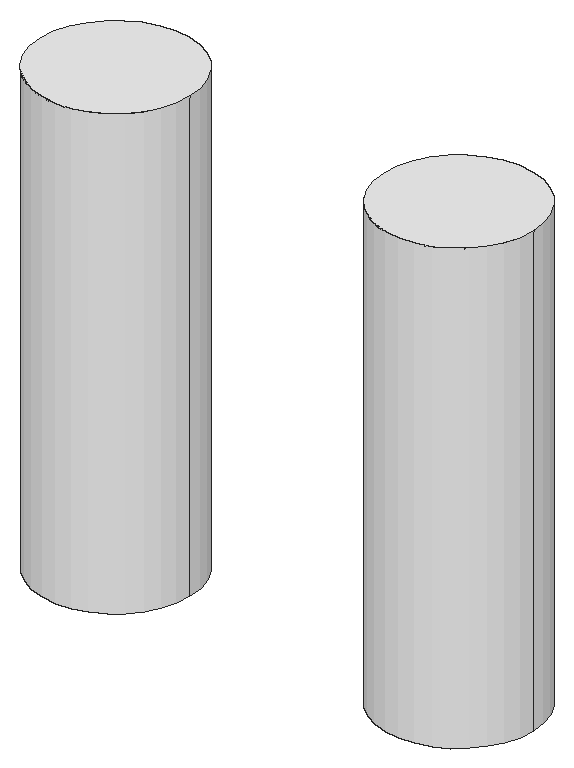
Revit family "92512219(2023)", category Plumbing Fixtures, Revit 2020
Family settings
  Round Connector Dimension = Use Diameter
  Part Type = Normal
  OmniClass Number = 23.45.55.00
  OmniClass Title = Sanitary Faucets, Wastes
  Work Plane-Based = No
  Always vertical = Yes
  Cut with Voids When Loaded = No
  Shared = No
  Room Calculation Point = No
Parameters (values of type "92512219 Washbasin faucet, 3 V, Bluetooth")
  WarrantyStartDate [instance] = "n/a"
  WarrantyGuarantorParts = "n/a"
  WarrantyGuarantorLabor = "n/a"
  WarrantyDurationUnit = "Year"
  WarrantyDurationParts = "n/a"
  WarrantyDurationLabor = "n/a"
  WarrantyDescription = "http://warranty.hansa.com"
  Warranty Information URL = "http://warranty.hansa.com"
  VersionDate = "01/06/2023"
  Version = "1"
  ValvePattern = "n/a"
  ValveOperation = "n/a"
  ValveMechanism = "n/a"
  Uniclass2015Reference = "Pr_40_20_87_96"
  Uniclass2015Description = "Washbasin manual water supply sets"
  Uniclass2 = "Pr_40_30_96_96"
  URL WEEE = "http://static.hansa.com/WEEE/92512219"
  URL REACH = "http://static.hansa.com/doc/reach"
  URL Materials Declaration = "http://www.hansa.com/fileadmin/resources/183270_92512219_materialsdeclaration.pdf"
  URL EcoLabel Declaration = "http://static.hansa.com/doc/EcoLabel"
  URL EU Packaging Declaration = "http://static.hansa.com/doc/packaging"
  URL Declaration of SCIP = "http://static.hansa.com/doc/SCIP"
  URL Declaration of Conformity = "http://static.hansa.com/DoC/92512219"
  URL Declaration of Asbestos = "http://static.hansa.com/doc/asbestos"
  URL Declaration Of Performance (DOP) = "http://static.hansa.com/doc/DoP"
  URL = ""
  UNSPSC Class Number = "30181700 Faucets or taps"
  TestPressure = "n/a"
  Temperature = "Temperature limiter"
  Technical DataSheet URL = "http://www.hansa.com/datasheet/92512219/en"
  TagNumber [instance] = "n/a"
  SustainabilityPerformance = "n/a"
  Surface treatment = "Chrome"
  Spout Type = "Fixed spout"
  Size = "55x175x165 mm"
  Shape = "Sculptured"
  SerialNumber [instance] = "n/a"
  Sales Package dimensions (LxWxH) = "284 x 191 x 83.5"
  Revision = "n/a"
  ReplacementCost = "n/a"
  Protection Class = "IP 55"
  ProductInformation = "n/a"
  Product URL = "http://static.hansa.com/92512219"
  Product Image URL = "http://static.hansa.com/image/92512219"
  Product Family = "HANSAELECTRA "
  Product Code = "92512219"
  OperatingMechanismMaterial = "n/a"
  Operating Voltage = 39 V
  Operating Distance = "20-130 mm (110/130/160 mm)"
  NominalWidth = 55 mm
  NominalHeight = 135 mm
  NominalDepth = 173.5 mm
  Name_en = "92512219 Washbasin faucet, 3 V, Bluetooth"
  Name = "92512219 Washbasin faucet, 3 V, Bluetooth"
  NBSReference = "45-35-70/371"
  NBSDescription = "Water supply fittings for wash basins and troughs"
  Mounting Holes = "1 hole"
  ModelReference = "92512219"
  ModelNumber = "n/a"
  Model = "92512219 Washbasin faucet, 3 V, Bluetooth"
  Mobile Product Information URL = "http://mpi.hansa.com/92512219"
  Mechanical Parts = "Non-return valve(s);Litter filter(s)"
  Max Flow Period = "2 min (1 - 1800 s)"
  Market = "International;Germany;Austria;Belgium;Netherlands"
  ManufacturerURL = "http://www.hansa.com"
  ManufacturerName = "HANSA"
  Manufacturer = "HANSA"
  Long Marketing = "Electra 92 series give you a clean classic design with beautiful round body flowing into round spout design with a clear design line framing the faucet design.\nA Classic design for any installation.\n\nKey Features\nAerator with Tilt function +/- 10° for more flexible installation\nNewest Sensor technology for better detection and operation comfort\nBluetooth technology for easy adjustment to personalize settings \nBattery and power cable\nCold Water faucet"
  Keynote = ""
  InstallationDate [instance] = "n/a"
  Installation Type = "Deck mounted"
  InletConnectionSize = 10 mm
  IfcExportType = "FAUCET"  # constant formula
  IfcExportAs = "IfcValveType"  # constant formula
  Group = "Washbasin faucet"
  Grade = "n/a"
  FlowCoefficient = 0
  Finish = "Polished"
  Features = "Touchless;Battery-operated;External transformer;Bluetooth®"
  FaucetMainMaterial = Brass
  FDV Document URL = "http://www.hansa.com/datasheet/92512219/en/fdv"
  ExpectedLife = "n/a"
  Electronic Parts = ";Light indicated function(s);Low battery indicator"
  Electrical Connection = "9 V"
  ETIM Class Number = "EC011328 Washbasin mixing tap"
  EMC Directive = "2014/53/EU , 2011/65/EU"
  EAN Number = "4057304020155"
  DurationUnit = "Year"
  Dimension Drawing URL = "http://static.hansa.com/dimdrw/92512219"
  Description = ""
  DefaultElevation [instance] = 900 mm
  Default Elevation = 0 mm
  Constituents = "n/a"
  Connection = "Flexible inlet pipes"
  Color = "Chrome"
  CodePerformance = "n/a"
  CloseOffRating = 0
  Catalog Drawing URL = "http://static.hansa.com/catdrw/92512219"
  CO2 Emissions (D) = -8.26
  CO2 Emissions (C4) = 0.31
  CO2 Emissions (C3) = 0.02
  CO2 Emissions (C2) = 0.02
  CO2 Emissions (C1) = 0
  CO2 Emissions (A4) = 0.41
  CO2 Emissions (A1-A3) = 11.32
  Brand = "HANSA"
  BodyMaterial = "Brass"
  Bluetooth = "5.x (D060576)"
  Battery = "AA 1.5 V Lithium x 2"
  Barcode [instance] = "n/a"
  BIMObjectName = "92512219(2023)"
  Automatic Flush Period = "30 s (1-1800 s)"
  Automatic Flush Frequency = "off (off/1-120 h)"
  Author = "BIMStone"
  AssetType = "Fixed"
  AssetIdentifier [instance] = "n/a"
  Afterflow Period = "3 s (1-20 s)"
  Aerator = "PCA® - constant flow rate regardless of pressure variations;Adjustable flow angle"
  Advanced Features = "3S-installation system for safe and simple mounting"
  AccessibilityPerformance = "n/a"
  2D/3D/BIM Files URL = "http://static.hansa.com/bim/92512219"
Reference planes
  plane 1 "Center (Front/Back)": y = 0
  plane 2: z = 0
  plane 3 "Center (Left/Right)": x = 0
  plane 4: x = -27.5
  plane 5: z = 900
  plane 6: z = 870
  plane 7: y = -173.5
  plane 8: x = 27.5
  plane 9: z = 1035
Forms (mm)
  Extrusion 1, solid, material "Brass" <- "FaucetMainMaterial"
    sketch origin (0, -4.192, 0) x (1, 0, 0) y (0, 1, 0)
      loop
        circle (-11.5, -22.5) r 5
      loop
        circle (11.5, -22.5) r 5
    from 870 to 900
Dimensions and locks
  "DefaultElevation": plane 5 to level
  locked: plane 5 to plane 6 at 30
  "NominalDepth": plane 7 to plane 1 "Center (Front/Back)"
  equal spacing: plane 4, plane 3 "Center (Left/Right)", plane 8
  "NominalHeight": plane 9 to plane 5
  "NominalWidth": plane 4 to plane 8
  "InletConnectionSize": diameter of Extrusion 1 sketch curve  (x2)
  aligned and locked: level to plane 2
  aligned and locked: plane 5 to Extrusion 1
  aligned and locked: Extrusion 1 to plane 6
  aligned and locked: nested 2 to plane 5
Automatic sketch dimensions
  Extrusion 1 sketch curve to plane 3 "Center (Left/Right)" = 11.5 mm
  plane 3 "Center (Left/Right)" to Extrusion 1 sketch curve = 11.5 mm
  plane 1 "Center (Front/Back)" to Extrusion 1 sketch curve = 26.692 mm  (x2)
Nested families
  nested 1: "Symbol" at (0, 0, 0), type "Symbol", detail levels coarse
  nested 2: "92512219(2023)_Body" at (0, 0, 900), Material <- "FaucetMainMaterial", type "92512219(2023)_Body"
    with Material Brass
Connectors
  piping at (-11.5, -26.692, 870), diameter 10, driven by "InletConnectionSize"
    settings: on Extrusion 1, index 1, connector inside diameter 609.6 mm, connector length 0 mm, flow factor 0, pipe flow 0.19 L/s, pressure drop 0.0 Pa, fitting loss kfactor 0, connector angle 0.00°, fixture units 0, engagement length 0 mm, angle of deflection 0.00°, flow configuration 1, flow direction 1, fitting loss method 0, system type 19, joint type 0, gender type 0, connector reference index -1, connector utility 0, adjustable connector no, is connector primary yes, connector description ""
  piping at (11.5, -26.692, 870), diameter 10, driven by "InletConnectionSize"
    settings: on Extrusion 1, index 2, connector inside diameter 609.6 mm, connector length 0 mm, flow factor 0, pipe flow 0.19 L/s, pressure drop 0.0 Pa, fitting loss kfactor 0, connector angle 0.00°, fixture units 0, engagement length 0 mm, angle of deflection 0.00°, flow configuration 1, flow direction 1, fitting loss method 0, system type 20, joint type 0, gender type 0, connector reference index -1, connector utility 0, adjustable connector no, is connector primary no, connector description ""
Definition of nested family "Symbol"
  Reference planes
    plane 1: y = 0
    plane 2: x = 0
  Lines and regions (mm)
    detail lines
      curve 1: line (0, 0, 0) -> (0, -1.8, 0)
      curve 2: line (-0.4, -1.1, 0) -> (0.4, -1.1, 0)
      curve 3: line (-0.4, -1.4, 0) -> (0.4, -1.4, 0)
      curve 4: line (0.863, 0, 0) -> (-0.863, 0, 0)
      curve 5: circle (-1.163, 0, 0) r 0.3 normal (0, 0, -1)
      curve 6: circle (1.163, 0, 0) r 0.3 normal (0, 0, 1)
Definition of nested family "92512219(2023)_Body"
  Parameters
    Width = 168 mm
    Material [instance] = none
    Length = 55 mm
    Height = 134.994 mm
    Default Elevation = 0 mm
  Reference planes
    plane 1 "Center (Front/Back)": y = 0
    plane 2: z = 0
    plane 3 "Center (Left/Right)": x = 0
    plane 4: x = -27.5
    plane 5: z = 134.994
    plane 6: y = -168
    plane 7: x = 27.5
  Forms (mm)
    Revolve 1, solid, material <- "Material", detail levels medium
      sketch origin (0, 0, 0) x (0, 1, 0) y (0, 0, 1)
        loop
          line (0, 0) -> (-2.598, 129.697)
          arc (-2.598, 129.697) -> (-2.937, 130.686) -> (-3.788, 131.294) r 1.712
          arc (-3.788, 131.294) -> (-15.501, 134.063) -> (-27.5, 134.994) r 77.83
          line (-27.5, 134.994) -> (-27.5, 0) -> (0, 0)
        axis (-27.5, 134.994) -> (-27.5, 0)
      angle from 0 to 360
    Extrusion 2, solid, material <- "Material", detail levels medium
      sketch origin (0.001, -2.031, 0) x (1, 0, 0) y (0, 1, 0)
        loop
          line (-25.887, -25.868) -> (-20.731, -146.342)
          arc (-20.731, -146.342) -> (-0.357, -165.862) -> (20.016, -146.342) r 20.392
          line (20.016, -146.342) -> (25.172, -25.868)
          arc (25.172, -25.868) -> (-0.357, 0.778) -> (-25.887, -25.868) r 25.553
      from 134.994 to 114.822
    Extrusion 3, solid, material <- "Material", detail levels medium
      sketch origin (0, -28.193, -25.495) x (1, 0, 0) y (0, 0.978148, -0.207912)
        loop
          circle (0, -147.98) r 10.977
      from 117.675 to 107.391
    Extrusion 4, solid, material <- "Material", detail levels coarse
      sketch origin (0, 0, 0) x (1, 0, 0) y (0, 1, 0)
        loop
          line (-27.5, 0) -> (-27.5, -168) -> (27.5, -168) -> (27.5, 0) -> (-27.5, 0)
      from 134.994 to 0
  Lines and regions (mm)
    symbolic lines, detail levels medium+fine
      curve 1: arc (-24.917, -38.757, 0) -> (-23.038, -12.577, 0) -> (0, 0, 0) r 27.388
      curve 2: line (-24.917, -38.757, 0) -> (-20.192, -148.655, 0)
      curve 3: arc (-20.192, -148.655, 0) -> (-13.981, -162.383, 0) -> (0, -168, 0) r 20.213
      curve 6: arc (24.917, -38.757, 0) -> (25.286, -37.911, 0) -> (25.626, -37.054, 0) r 27.388
      curve 7: line (24.917, -38.757, 0) -> (20.192, -148.655, 0)
      curve 8: arc (20.192, -148.655, 0) -> (13.981, -162.383, 0) -> (0, -168, 0) r 20.213
      curve 11: arc (25.946, -18.618, 0) -> (15.967, -5.136, 0) -> (0, 0, 0) r 27.388
      curve 13: line (-27.274, 0, 0) -> (0, 0, 0)
      curve 14: line (-27.274, 0, 0) -> (-25.24, 0, 129.702)
      curve 15: arc (-24.135, 0, 131.187) -> (-12.217, 0, 134.036) -> (0, 0, 134.994) r 78.415
      curve 16: arc (-25.24, 0, 129.702) -> (-24.925, 0, 130.621) -> (-24.135, 0, 131.187) r 1.596
      curve 38: line (27.5, 0, 0) -> (0, 0, 0)
      curve 39: arc (24.135, 0, 131.187) -> (12.217, 0, 134.036) -> (0, 0, 134.994) r 78.415
      curve 40: arc (25.24, 0, 129.702) -> (24.925, 0, 130.621) -> (24.135, 0, 131.187) r 1.596
      curve 62: line (27.316, 0, 31.413) -> (25.24, 0, 129.702)
      curve 63: line (0, -0.001, 0) -> (0, -54.741, 0)
      curve 64: line (0, -54.741, 0) -> (0, -54.741, 89.109)
      curve 65: arc (0, -54.741, 89.109) -> (0, -60.916, 104.015) -> (0, -75.822, 110.19) r 21.081
      curve 66: line (0, -75.822, 110.19) -> (0, -137.978, 112.752)
      curve 67: line (0, -137.978, 112.752) -> (0, -138.76, 108.726)
      curve 68: line (0, -138.76, 108.726) -> (0, -140.089, 108.243)
      curve 69: line (0, -140.089, 108.243) -> (0, -161.108, 112.71)
      curve 71: line (0, -161.108, 112.71) -> (0, -162.081, 113.684)
      curve 72: line (0, -162.081, 113.684) -> (0, -161.179, 117.93)
      curve 73: line (0, -161.179, 117.93) -> (0, -162.487, 118.78)
      curve 74: arc (0, -162.487, 118.78) -> (0, -165.802, 121.815) -> (0, -167.951, 125.762) r 13.648
      curve 75: arc (0, -167.951, 125.762) -> (0, -168.055, 126.283) -> (0, -168.014, 126.813) r 1.949
      curve 76: line (0, -168.014, 126.813) -> (0, -167.677, 130.015)
      curve 77: arc (0, -167.677, 130.015) -> (0, -167.314, 130.859) -> (0, -166.535, 131.346) r 1.543
      curve 78: arc (0, -166.535, 131.346) -> (0, -161.236, 132.748) -> (0, -155.941, 134.168) r 1621.186
      curve 79: arc (0, -155.941, 134.168) -> (0, -152.77, 134.808) -> (0, -149.543, 135.034) r 25.064
      curve 80: line (0, -149.543, 135.034) -> (0, -27.513, 135.034)
      curve 81: arc (0, -27.513, 135.034) -> (0, -15.436, 134.07) -> (0, -3.665, 131.204) r 76.163
      curve 82: arc (0, -3.665, 131.204) -> (0, -2.9, 130.652) -> (0, -2.59, 129.76) r 1.566
      curve 83: line (0, -2.59, 129.76) -> (0, -0.001, 0)
      curve 86: arc (27.5, 0, 0) -> (27.528, 0, 15.707) -> (27.316, 0, 31.413) r 1028.16
      curve 87: arc (25.626, -37.054, 0) -> (27.384, -27.864, 0) -> (25.946, -18.618, 0) r 27.388
    symbolic lines, detail levels fine
      curve 4: line (-24.917, -38.757, 0) -> (-25.3, -27.797, 0)
      curve 5: arc (-25.3, -27.797, 0) -> (-18.165, -9.569, 0) -> (0, -2.277, 0) r 24.667
      curve 9: line (24.917, -38.757, 0) -> (25.3, -27.797, 0)
      curve 10: arc (25.3, -27.797, 0) -> (18.165, -9.569, 0) -> (0, -2.277, 0) r 24.667
      curve 12: arc (25.626, -37.054, 0) -> (27.384, -27.864, 0) -> (25.946, -18.618, 0) r 27.388
      curve 17: line (0, 0, 131.26) -> (-23.908, 0, 131.26)
      curve 18: line (0, 0, 125.699) -> (-20, 0, 125.699)
      curve 19: line (-20, 0, 125.699) -> (-24.305, 0, 125.094)
      curve 20: arc (-24.305, 0, 125.094) -> (-24.948, 0, 124.801) -> (-25.326, 0, 124.203) r 1.241
      curve 21: line (-20.294, 0, 125.658) -> (-20.007, 0, 129.755)
      curve 22: arc (-20.007, 0, 129.755) -> (-19.612, 0, 130.721) -> (-18.719, 0, 131.26) r 1.663
      curve 23: line (-12.011, 0, 116.413) -> (-14.591, 0, 118.219)
      curve 24: arc (-14.591, 0, 118.219) -> (-18.016, 0, 121.499) -> (-20.294, 0, 125.658) r 15.564
      curve 25: arc (-7.86, 0, 117.316) -> (-3.95, 0, 117.906) -> (0, 0, 118.104) r 39.583
      curve 26: arc (-10.398, 0, 116.677) -> (-9.137, 0, 117.026) -> (-7.86, 0, 117.316) r 27.985
      curve 27: arc (-12.011, 0, 116.413) -> (-11.196, 0, 116.492) -> (-10.398, 0, 116.677) r 6.245
      curve 28: line (-12.011, 0, 116.413) -> (-12.011, 0, 114.808)
      curve 29: arc (-12.011, 0, 114.808) -> (-11.729, 0, 113.864) -> (-10.975, 0, 113.229) r 1.721
      curve 30: line (-10.975, 0, 113.229) -> (-10.975, 0, 110.167)
      curve 31: arc (-9.621, 0, 109.438) -> (-4.847, 0, 108.554) -> (0, 0, 108.258) r 39.812
      curve 32: arc (-10.975, 0, 110.167) -> (-10.344, 0, 109.718) -> (-9.621, 0, 109.438) r 3.113
      curve 33: line (-6.513, 0, 43.004) -> (-6.513, 0, 29.802)
      curve 34: arc (-0.937, 0, 48.58) -> (-4.88, 0, 46.947) -> (-6.513, 0, 43.004) r 5.576
      curve 35: line (-0.937, 0, 48.58) -> (0, 0, 48.58)
      curve 36: arc (-6.513, 0, 29.802) -> (-4.97, 0, 26.077) -> (-1.246, 0, 24.535) r 5.267
      curve 37: line (-1.246, 0, 24.535) -> (0, 0, 24.535)
      curve 41: line (0, 0, 131.26) -> (23.908, 0, 131.26)
      curve 42: line (0, 0, 125.699) -> (20, 0, 125.699)
      curve 43: line (20, 0, 125.699) -> (24.305, 0, 125.094)
      curve 44: arc (24.305, 0, 125.094) -> (25.005, 0, 124.747) -> (25.359, 0, 124.05) r 1.241
      curve 45: line (20.294, 0, 125.658) -> (20.007, 0, 129.755)
      curve 46: arc (20.007, 0, 129.755) -> (19.612, 0, 130.721) -> (18.719, 0, 131.26) r 1.663
      curve 47: line (12.011, 0, 116.413) -> (14.591, 0, 118.219)
      curve 48: arc (14.591, 0, 118.219) -> (18.016, 0, 121.499) -> (20.294, 0, 125.658) r 15.564
      curve 49: arc (7.86, 0, 117.316) -> (3.95, 0, 117.906) -> (0, 0, 118.104) r 39.583
      curve 50: arc (10.398, 0, 116.677) -> (9.137, 0, 117.026) -> (7.86, 0, 117.316) r 27.985
      curve 51: arc (12.011, 0, 116.413) -> (11.196, 0, 116.492) -> (10.398, 0, 116.677) r 6.245
      curve 52: line (12.011, 0, 116.413) -> (12.011, 0, 114.808)
      curve 53: arc (12.011, 0, 114.808) -> (11.729, 0, 113.864) -> (10.975, 0, 113.229) r 1.721
      curve 54: line (10.975, 0, 113.229) -> (10.975, 0, 110.167)
      curve 55: arc (9.621, 0, 109.438) -> (4.847, 0, 108.554) -> (0, 0, 108.258) r 39.812
      curve 56: arc (10.975, 0, 110.167) -> (10.344, 0, 109.718) -> (9.621, 0, 109.438) r 3.113
      curve 57: line (6.513, 0, 43.004) -> (6.513, 0, 29.802)
      curve 58: arc (0.937, 0, 48.58) -> (4.88, 0, 46.947) -> (6.513, 0, 43.004) r 5.576
      curve 59: line (0.937, 0, 48.58) -> (0, 0, 48.58)
      curve 60: arc (6.513, 0, 29.802) -> (4.97, 0, 26.077) -> (1.246, 0, 24.535) r 5.267
      curve 61: line (1.246, 0, 24.535) -> (0, 0, 24.535)
      curve 70: line (0, -138.76, 108.726) -> (0, -162.081, 113.684)
      curve 84: arc (0, -137.978, 112.752) -> (0, -142.542, 114.942) -> (0, -147.396, 116.384) r 31.952
      curve 85: arc (0, -147.396, 116.384) -> (0, -154.25, 117.494) -> (0, -161.179, 117.93) r 71.083
  Dimensions and locks
    equal spacing: plane 4, plane 3 "Center (Left/Right)", plane 7
    "Length": plane 4 to plane 7
    "Width": plane 6 to plane 1 "Center (Front/Back)"
    "Height": plane 5 to level
    aligned and locked: level to plane 2
  Automatic sketch dimensions
    Revolve 1 sketch curve to level = 0 mm
    Revolve 1 sketch curve to plane 5 = 0 mm
    Revolve 1 sketch curve to plane 1 "Center (Front/Back)" = 0 mm
    plane 1 "Center (Front/Back)" to Revolve 1 sketch curve = 2.598 mm
    Revolve 1 sketch curve to Revolve 1 sketch curve = 1.712 mm
    plane 1 "Center (Front/Back)" to Revolve 1 sketch curve = 27.5 mm
    level to Revolve 1 sketch curve = 57.164 mm
    Revolve 1 sketch curve to plane 5 = 5.331 mm
    Revolve 1 sketch curve to Revolve 1 sketch curve = 0.034 mm
    Revolve 1 sketch curve to Revolve 1 sketch curve = 0 mm
    Revolve 1 sketch curve to plane 5 = 15 mm
    Revolve 1 sketch curve to Revolve 1 sketch curve = 5 mm
    Extrusion 2 sketch curve to plane 4 = 1.614 mm
    Extrusion 2 sketch curve to plane 4 = 6.77 mm
    Extrusion 2 sketch curve to plane 3 "Center (Left/Right)" = 0.357 mm  (x2)
    Extrusion 2 sketch curve to plane 7 = 7.483 mm
    Extrusion 2 sketch curve to plane 7 = 2.327 mm
    plane 6 to Extrusion 2 sketch curve = 19.627 mm
    Extrusion 2 sketch curve to Extrusion 2 sketch curve = 0.872 mm
    plane 1 "Center (Front/Back)" to Extrusion 2 sketch curve = 27.899 mm
    Extrusion 2 sketch curve to Extrusion 2 sketch curve = 1.093 mm
    Extrusion 3 sketch curve to plane 3 "Center (Left/Right)" = 0 mm
    curve 63 to level = 0 mm
    curve 78 to plane 6 = 410.454 mm
    curve 76 to plane 5 = 8.181 mm
    curve 76 to plane 6 = 0.014 mm
    curve 76 to plane 5 = 4.978 mm
    curve 76 to curve 76 = 0.337 mm
    curve 76 to curve 77 = 1.534 mm
    curve 75 to curve 75 = 1.905 mm
    curve 73 to plane 5 = 16.214 mm
    curve 75 to curve 73 = 3.622 mm
    curve 74 to curve 85 = 0.312 mm
    curve 70 to plane 5 = 21.31 mm
    curve 74 to curve 70 = 0.406 mm
    curve 73 to plane 5 = 17.063 mm
    curve 74 to curve 73 = 1.309 mm
    curve 69 to plane 5 = 22.283 mm
    curve 70 to curve 69 = 0.973 mm
    curve 74 to plane 5 = 4.767 mm
    curve 77 to curve 74 = 11.089 mm
    curve 69 to curve 84 = 7.069 mm
    plane 5 to curve 80 = 0.04 mm
    curve 74 to curve 80 = 5.511 mm
    curve 69 to curve 79 = 11.699 mm
    curve 68 to plane 5 = 26.751 mm
    curve 79 to curve 68 = 9.32 mm
    curve 66 to plane 5 = 22.242 mm
    curve 67 to curve 66 = 0.782 mm
    curve 67 to curve 65 = 62.938 mm
    curve 65 to curve 63 = 21.081 mm
    curve 65 to curve 80 = 27.228 mm
    curve 82 to plane 5 = 5.278 mm
    curve 81 to curve 82 = 23.358 mm
    curve 83 to plane 5 = 5.234 mm
    curve 82 to curve 83 = 1.565 mm
    curve 63 to curve 63 = 54.741 mm
    level to curve 81 = 58.871 mm
    curve 65 to plane 5 = 45.885 mm
    curve 79 to curve 84 = 6.414 mm
    curve 75 to curve 75 = 0.413 mm
    curve 77 to curve 76 = 0.161 mm
    plane 5 to curve 78 = 1564.334 mm
    curve 78 to curve 77 = 0 mm
    curve 68 to plane 5 = 26.267 mm
    level to curve 85 = 46.855 mm
    curve 84 to curve 68 = 23.113 mm
    curve 15 to curve 39 = 0 mm
    curve 25 to curve 49 = 0 mm
    curve 31 to curve 55 = 0 mm
    curve 13 to level = 0 mm
    curve 25 to plane 3 "Center (Left/Right)" = 0 mm
    curve 18 to plane 3 "Center (Left/Right)" = 0 mm
    curve 17 to plane 3 "Center (Left/Right)" = 0 mm
    curve 35 to plane 3 "Center (Left/Right)" = 0 mm
    curve 15 to plane 3 "Center (Left/Right)" = 0 mm
    curve 13 to plane 3 "Center (Left/Right)" = 0 mm
    curve 31 to plane 3 "Center (Left/Right)" = 0 mm
    curve 37 to plane 3 "Center (Left/Right)" = 0 mm
    curve 38 to plane 7 = 0 mm
    curve 39 to plane 5 = 0 mm
    curve 34 to plane 3 "Center (Left/Right)" = 0.937 mm
    curve 37 to plane 3 "Center (Left/Right)" = 1.246 mm
    curve 26 to plane 3 "Center (Left/Right)" = 2.303 mm
    curve 24 to plane 3 "Center (Left/Right)" = 5.663 mm
    curve 33 to curve 36 = 5.267 mm
    curve 32 to plane 3 "Center (Left/Right)" = 8.869 mm
    curve 29 to curve 32 = 1.421 mm
    curve 30 to curve 29 = 0.685 mm
    curve 28 to curve 29 = 1.721 mm
    curve 27 to curve 27 = 0.193 mm
    curve 23 to curve 27 = 2.58 mm
    curve 22 to plane 4 = 9.151 mm
    curve 19 to curve 22 = 1.651 mm
    curve 21 to plane 5 = 5.239 mm
    curve 21 to curve 22 = 1.658 mm
    curve 16 to curve 21 = 3.637 mm
    curve 20 to plane 4 = 3.368 mm
    curve 19 to curve 20 = 0.173 mm
    curve 14 to curve 16 = 1.596 mm
    curve 14 to plane 4 = 0.226 mm
    level to curve 86 = 9.698 mm
    curve 35 to curve 59 = 0.937 mm
    plane 3 "Center (Left/Right)" to curve 60 = 1.246 mm
    plane 3 "Center (Left/Right)" to curve 50 = 2.303 mm
    plane 3 "Center (Left/Right)" to curve 48 = 5.663 mm
    curve 60 to curve 57 = 5.267 mm
    plane 3 "Center (Left/Right)" to curve 56 = 8.869 mm
    curve 56 to curve 53 = 1.421 mm
    curve 56 to curve 54 = 2.106 mm
    curve 53 to curve 52 = 1.721 mm
    curve 47 to curve 51 = 0.193 mm
    curve 47 to curve 47 = 2.58 mm
    curve 46 to plane 7 = 9.151 mm
    curve 46 to curve 43 = 1.651 mm
    curve 45 to plane 5 = 5.239 mm
    curve 46 to curve 45 = 1.658 mm
    curve 46 to curve 40 = 3.637 mm
    curve 44 to plane 7 = 3.368 mm
    curve 44 to curve 43 = 0.173 mm
    curve 40 to curve 62 = 1.596 mm
    level to curve 37 = 24.535 mm
    curve 33 to curve 33 = 13.202 mm
    curve 35 to curve 39 = 8 mm
    curve 39 to curve 49 = 21.942 mm
    curve 49 to curve 50 = 11.367 mm
    curve 26 to curve 50 = 0 mm
    curve 54 to curve 46 = 19.589 mm
    curve 30 to curve 22 = 19.589 mm
    curve 54 to curve 56 = 2.293 mm
    curve 30 to curve 32 = 2.293 mm
    curve 32 to curve 30 = 0.77 mm
    curve 56 to curve 54 = 0.77 mm
    curve 29 to curve 28 = 1.604 mm
    curve 52 to curve 47 = 1.604 mm
    curve 47 to curve 47 = 1.806 mm
    curve 27 to curve 23 = 1.806 mm
    curve 24 to curve 27 = 4.435 mm
    curve 47 to curve 51 = 4.435 mm
    curve 44 to curve 46 = 5.89 mm
    curve 20 to curve 22 = 5.89 mm
    curve 44 to curve 43 = 1.229 mm
    curve 20 to curve 19 = 1.229 mm
    curve 42 to curve 15 = 9.294 mm
    curve 46 to curve 46 = 0.116 mm
    curve 22 to curve 22 = 0.116 mm
    curve 40 to curve 46 = 0.087 mm
    curve 16 to curve 21 = 0.087 mm
    curve 40 to curve 62 = 0.034 mm
    curve 16 to curve 14 = 0.034 mm
    curve 24 to plane 5 = 4.025 mm
    curve 48 to plane 5 = 4.025 mm
    curve 41 to curve 15 = 3.734 mm
    plane 5 to curve 31 = 13.077 mm
    curve 27 to curve 25 = 2.538 mm
    curve 26 to curve 25 = 0 mm
    curve 31 to curve 32 = 0 mm
    curve 21 to curve 24 = 0 mm
    curve 50 to curve 49 = 0 mm
    curve 45 to curve 48 = 0 mm
    curve 44 to curve 44 = 1.228 mm
    curve 86 to plane 7 = 0.184 mm
    curve 1 to curve 6 = 0 mm  (x2)
    curve 1 to curve 11 = 0 mm  (x2)
    curve 1 to curve 12 = 0 mm  (x2)
    curve 1 to curve 87 = 0 mm  (x2)
    curve 6 to curve 11 = 0 mm  (x2)
    curve 6 to curve 12 = 0 mm  (x2)
    curve 6 to curve 87 = 0 mm  (x2)
    curve 11 to curve 12 = 0 mm  (x2)
    curve 11 to curve 87 = 0 mm  (x2)
    curve 12 to curve 87 = 0 mm  (x2)
    curve 3 to plane 3 "Center (Left/Right)" = 0 mm
    curve 10 to plane 3 "Center (Left/Right)" = 0 mm
    plane 1 "Center (Front/Back)" to curve 1 = 0 mm
    curve 1 to plane 3 "Center (Left/Right)" = 0 mm
    curve 8 to plane 6 = 0 mm
    curve 8 to plane 3 "Center (Left/Right)" = 0.003 mm
    curve 5 to plane 3 "Center (Left/Right)" = 0.648 mm
    curve 2 to plane 4 = 7.308 mm
    curve 4 to plane 4 = 2.583 mm
    curve 4 to plane 4 = 2.2 mm
    plane 3 "Center (Left/Right)" to curve 3 = 0.003 mm
    plane 3 "Center (Left/Right)" to curve 10 = 0.648 mm
    curve 7 to plane 7 = 7.308 mm
    curve 9 to plane 7 = 2.583 mm
    curve 9 to plane 7 = 2.2 mm
    plane 6 to curve 7 = 19.345 mm
    plane 6 to curve 2 = 19.345 mm
    plane 1 "Center (Front/Back)" to curve 9 = 38.757 mm
    curve 6 to curve 9 = 10.96 mm
    curve 2 to curve 4 = 10.96 mm
    curve 87 to curve 5 = 0.452 mm
    curve 6 to curve 12 = 0.709 mm
    curve 87 to curve 6 = 0 mm  (x2)
    curve 11 to plane 7 = 1.554 mm
    curve 87 to curve 12 = 0 mm
    Extrusion 4 sketch curve to plane 4 = 0 mm
    Extrusion 4 sketch curve to plane 6 = 0 mm
    Extrusion 4 sketch curve to plane 7 = 0 mm
    plane 1 "Center (Front/Back)" to Extrusion 4 sketch curve = 0 mm
    radius of Extrusion 3 sketch curve = 10.977 mm
